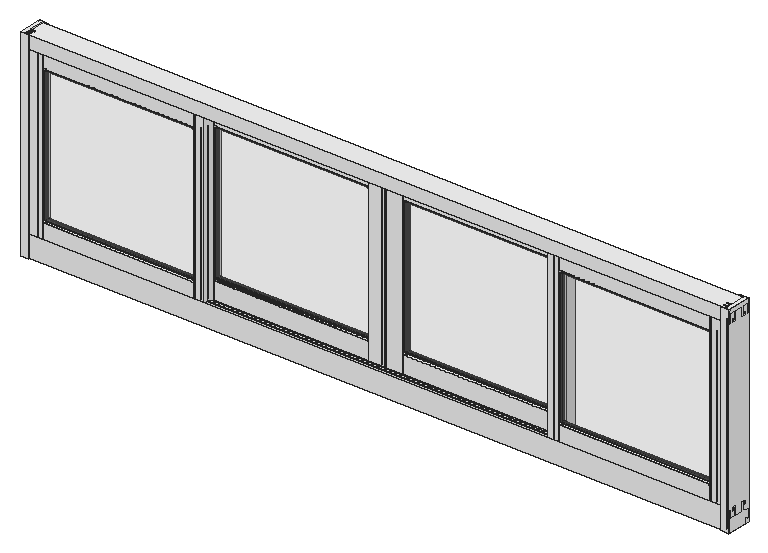
Revit family (continued)
Automatic sketch dimensions
  profile plane to Sweep 26 sketch curve = 6 mm  (x2)
  Sweep 26 sketch curve to profile plane = 4 mm  (x2)
  Sweep 26 sketch curve to Sweep 26 sketch curve = 29.45 mm
  Sweep 26 sketch curve to Sweep 26 sketch curve = 1.5 mm
  Sweep 26 sketch curve to Sweep 26 sketch curve = 7.184 mm  (x2)
  Sweep 26 sketch curve to Sweep 26 sketch curve = 0.866 mm  (x2)
  Sweep 26 sketch curve to Sweep 26 sketch curve = 1 mm  (x3)
  Sweep 26 sketch curve to Sweep 26 sketch curve = 2.404 mm  (x2)
  Sweep 26 sketch curve to Sweep 26 sketch curve = 1.596 mm  (x2)
  profile plane to Sweep 26 sketch curve = 71.228 mm
  Sweep 26 sketch curve to Sweep 26 sketch curve = 1.45 mm  (x2)
  Sweep 26 sketch curve to Sweep 26 sketch curve = 4.25 mm
  Sweep 26 sketch curve to Sweep 26 sketch curve = 10 mm
  Sweep 26 sketch curve to Sweep 26 sketch curve = 0.5 mm
  Sweep 26 sketch curve to Sweep 26 sketch curve = 14.2 mm
  Sweep 26 sketch curve to Sweep 26 sketch curve = 0.85 mm
  plane 11 to Sweep 27 sketch curve = 14 mm
  plane 4 "Right" to Sweep 27 sketch curve = 60.5 mm
  plane 6 "Head" to Sweep 27 sketch curve = 195 mm
  Sweep 27 sketch curve to Sweep 27 sketch curve = 0 mm  (x6)
  Sweep 27 sketch curve to profile plane = 113 mm
  Sweep 27 sketch curve to Sweep 27 sketch curve = 1.596 mm  (x2)
  Sweep 27 sketch curve to Sweep 27 sketch curve = 2.404 mm  (x2)
  Sweep 27 sketch curve to Sweep 27 sketch curve = 1 mm  (x3)
  Sweep 27 sketch curve to Sweep 27 sketch curve = 0.866 mm  (x2)
  Sweep 27 sketch curve to Sweep 27 sketch curve = 7.184 mm
  Sweep 27 sketch curve to Sweep 27 sketch curve = 1.45 mm  (x3)
  Sweep 27 sketch curve to Sweep 27 sketch curve = 29.5 mm
  Sweep 27 sketch curve to Sweep 27 sketch curve = 10 mm  (x3)
  profile plane to Sweep 27 sketch curve = 71.228 mm
  Sweep 27 sketch curve to Sweep 27 sketch curve = 4.25 mm
  Sweep 27 sketch curve to Sweep 27 sketch curve = 0.5 mm
  Sweep 27 sketch curve to Sweep 27 sketch curve = 14.2 mm
  Sweep 27 sketch curve to Sweep 27 sketch curve = 0.85 mm
  Sweep 27 sketch curve to Sweep 27 sketch curve = 2.8 mm
  profile plane to Sweep 28 sketch curve = 78.715 mm
  Sweep 28 sketch curve to Sweep 28 sketch curve = 0 mm  (x2)
  Sweep 28 sketch curve to Sweep 28 sketch curve = 2.471 mm
  Sweep 28 sketch curve to Sweep 28 sketch curve = 3.422 mm  (x2)
  Sweep 28 sketch curve to Sweep 28 sketch curve = 7.084 mm
  profile plane to Sweep 28 sketch curve = 92.922 mm
  Sweep 28 sketch curve to Sweep 28 sketch curve = 3.578 mm
  Sweep 28 sketch curve to Sweep 28 sketch curve = 3 mm
  Sweep 29 sketch curve to plane 4 "Right" = 0 mm
  Sweep 29 sketch curve to plane 6 "Head" = 0 mm
  Sweep 29 sketch curve to plane 5 "Sill" = 0 mm
  Sweep 29 sketch curve to profile plane = 0 mm
  Sweep 29 sketch curve to profile plane = 11.5 mm  (x2)
  Sweep 29 sketch curve to Sweep 29 sketch curve = 0 mm  (x2)
  Sweep 29 sketch curve to Sweep 29 sketch curve = 3.5 mm  (x2)
  Sweep 29 sketch curve to Sweep 29 sketch curve = 1.936 mm  (x2)
  Sweep 29 sketch curve to Sweep 29 sketch curve = 2 mm  (x3)
  Sweep 29 sketch curve to Sweep 29 sketch curve = 1.264 mm  (x2)
  Sweep 29 sketch curve to Sweep 29 sketch curve = 6.3 mm  (x2)
  Sweep 29 sketch curve to Sweep 29 sketch curve = 13 mm
  profile plane to Sweep 29 sketch curve = 64.85 mm
  Sweep 29 sketch curve to Sweep 29 sketch curve = 1.5 mm  (x2)
  Sweep 29 sketch curve to Sweep 29 sketch curve = 42.65 mm
  Sweep 29 sketch curve to Sweep 29 sketch curve = 1.25 mm  (x2)
  Sweep 29 sketch curve to Sweep 29 sketch curve = 1.718 mm
  Sweep 29 sketch curve to Sweep 29 sketch curve = 0.782 mm
  Sweep 29 sketch curve to Sweep 29 sketch curve = 1.318 mm  (x2)
  Sweep 29 sketch curve to Sweep 29 sketch curve = 9.365 mm
  Sweep 29 sketch curve to Sweep 29 sketch curve = 0.068 mm
  Sweep 29 sketch curve to Sweep 29 sketch curve = 0.5 mm
  Sweep 29 sketch curve to Sweep 29 sketch curve = 2.032 mm
  Sweep 29 sketch curve to Sweep 29 sketch curve = 10.15 mm
Nested families
  nested 1: "Arrow-Plan small" at (-261.25, 195, 0), type "Arrow-Plan small"
  nested 2: "Arrow-Plan small" at (-783.75, 195, 0) x (-1, 0, 0) z (0, 0, 1), type "Arrow-Plan small"
  nested 3: "Arrow-Plan small" at (261.25, 195, 0) x (-1, 0, 0) z (0, 0, 1), type "Arrow-Plan small"
  nested 4: "Arrow-Plan small" at (783.75, 195, 0), type "Arrow-Plan small"
  nested 5: "Arrow-Plan small" at (783.75, 115, 1830) x (1, 0, 0) z (0, -1, 0), type "Arrow-Plan small"
  nested 6: "Arrow-Plan small" at (261.25, 115, 1830) x (-1, 0, 0) z (0, -1, 0), type "Arrow-Plan small"
  nested 7: "Arrow-Plan small" at (-783.75, 115, 1830) x (-1, 0, 0) z (0, -1, 0), type "Arrow-Plan small"
  nested 8: "Arrow-Plan small" at (-261.25, 115, 1830) x (1, 0, 0) z (0, -1, 0), type "Arrow-Plan small"
Definition of nested family "Arrow-Plan small"
  Parameters (values of type "Arrow-Plan small")
    Assembly Code = ""
  Reference planes
    plane 1 "Center F/B": y = 0
    plane 2: z = 0
    plane 3 "Center L/R": x = 0
  Lines and regions (mm)
    detail lines, style "Light Lines", in view "Ref. Level"
      curve 1: line (150, 0, 0) -> (-150, 0, 0)
    detail lines, in view "Ref. Level"
      curve 2: line (-150, 0, 0) -> (-80.718, 40, 0)
      curve 3: line (-150, 0, 0) -> (-80.718, -40, 0)
Types (9, lengths in mm): name | Height | Default Sill Height | Width
  (no name) | 590 | 1535 | 2090
  EHSW2106 XXXX | 590 | 1535 | 2090
  EHSW2406 XXXX | 590 | 1535 | 2390
  EHSW2409 XXXX | 890 | 1235 | 2390
  EHSW2109 XXXX | 890 | 1235 | 2090
  EHSW2112 XXXX | 1190 | 935 | 2090
  EHSW2412 XXXX | 1190 | 935 | 2390
  EHSW2415 XXXX | 1490 | 635 | 2390
  EHSW2115 XXXX | 1490 | 635 | 2090
